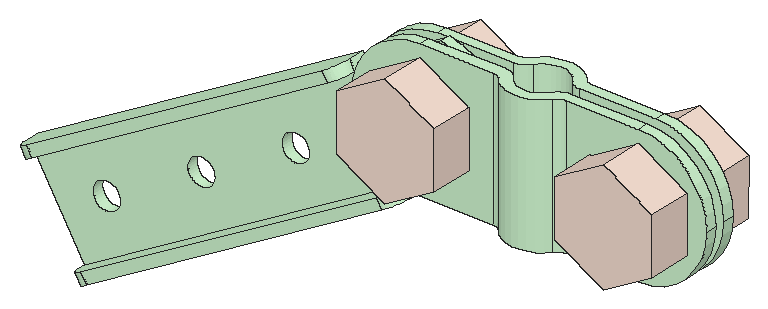
Revit family "brace-kanagu_ji", category 機械設備, Revit 2022
Family settings
  丸型コネクタ寸法 = 直径を使用
  種別 = なし
  パーツ タイプ = 標準
  作業面ベース = いいえ
  常に垂直 = はい
  ロード時にボイドで切り取り = いいえ
  注釈の向きを維持 = いいえ
  共有 = いいえ
  部屋計算ポイント = いいえ
Parameters
  製造元 = "株式会社桐井製作所"
  既定の高さ = 0 mm
  URL = "https://www.kirii.co.jp/"
  K_許容荷重(引張)(N) = 2500
  K_許容荷重(圧縮)(N) = 2500
  K_角度 [instance] = 30.00°
  K_品名 = "ブレース金具KF"
  K_名称 = "斜め部材(ブレース)上部取付金具"
  K_入数 = "100"
  K_備考 = "適用角度:15°~60°"
  K_バージョン情報 = "20211216"
Reference planes
  plane 1 "中心(正面/背面)": y = 0
  plane 2: z = 0
  plane 3 "中心(左/右)": x = 0
  plane 4: z = -12.5
Forms (mm)
  Extrusion 1, solid
    sketch origin (0, 0, 0) x (1, 0, 0) y (0, 1, 0)
      loop
        line (-32.5, 3) -> (-32.5, 1) -> (-6.107, 1)
        arc (-6.107, 1) -> (-4.68, 1.361) -> (-3.597, 2.356) r 3
        arc (-3.597, 2.356) -> (0, 4.3) -> (3.597, 2.356) r 4.3
        arc (3.597, 2.356) -> (4.68, 1.361) -> (6.107, 1) r 3
        line (6.107, 1) -> (32.5, 1) -> (32.5, 3) -> (6.625, 3)
        arc (6.625, 3) -> (5.733, 3.21) -> (5.029, 3.795) r 2
        arc (5.029, 3.795) -> (0, 6.3) -> (-5.029, 3.795) r 6.3
        arc (-5.029, 3.795) -> (-5.733, 3.21) -> (-6.625, 3) r 2
        line (-6.625, 3) -> (-32.5, 3)
      loop
        line (32.5, -1) -> (6.107, -1)
        arc (6.107, -1) -> (4.68, -1.361) -> (3.597, -2.356) r 3
        arc (3.597, -2.356) -> (0, -4.3) -> (-3.597, -2.356) r 4.3
        arc (-3.597, -2.356) -> (-4.68, -1.361) -> (-6.107, -1) r 3
        line (-6.107, -1) -> (-32.5, -1) -> (-32.5, -3) -> (-6.625, -3)
        arc (-6.625, -3) -> (-5.733, -3.21) -> (-5.029, -3.795) r 2
        arc (-5.029, -3.795) -> (0, -6.3) -> (5.029, -3.795) r 6.3
        arc (5.029, -3.795) -> (5.733, -3.21) -> (6.625, -3) r 2
        line (6.625, -3) -> (32.5, -3) -> (32.5, -1)
    from -25 to 0
  Extrusion 2, void
    sketch origin (0, 0, 0) x (1, 0, 0) y (0, 0, 1)
      loop
        line (-20, 0) -> (-32.5, 0) -> (-32.5, -12.5)
        arc (-32.5, -12.5) -> (-28.839, -3.661) -> (-20, 0) r 12.5
      loop
        line (32.5, -12.5) -> (32.5, 0) -> (20, 0)
        arc (20, 0) -> (28.839, -3.661) -> (32.5, -12.5) r 12.5
    from 0 to 3
  Extrusion 3, void
    sketch origin (0, 0, -25) x (1, 0, 0) y (0, 0, 1)
      loop
        arc (-20, 0) -> (-28.839, 3.661) -> (-32.5, 12.5) r 12.5
        line (-32.5, 12.5) -> (-32.5, 0) -> (-20, 0)
      loop
        arc (32.5, 12.5) -> (28.839, 3.661) -> (20, 0) r 12.5
        line (20, 0) -> (32.5, 0) -> (32.5, 12.5)
    from 0 to 3
  Extrusion 4, void
    sketch origin (0, 0, 0) x (1, 0, 0) y (0, 0, -1)
      loop
        arc (-20, 0) -> (-28.839, 3.661) -> (-32.5, 12.5) r 12.5
        line (-32.5, 12.5) -> (-32.5, 0) -> (-20, 0)
      loop
        arc (32.5, 12.5) -> (28.839, 3.661) -> (20, 0) r 12.5
        line (20, 0) -> (32.5, 0) -> (32.5, 12.5)
    from 0 to 3
  Extrusion 5, void
    sketch origin (0, 0, -25) x (1, 0, 0) y (0, 0, -1)
      loop
        line (-20, 0) -> (-32.5, 0) -> (-32.5, -12.5)
        arc (-32.5, -12.5) -> (-28.839, -3.661) -> (-20, 0) r 12.5
      loop
        line (32.5, -12.5) -> (32.5, 0) -> (20, 0)
        arc (20, 0) -> (28.839, -3.661) -> (32.5, -12.5) r 12.5
    from 0 to 3
  Extrusion 6, void
    sketch origin (0, 0, 0) x (1, 0, 0) y (0, 0, 1)
      loop
        circle (-20, -12.5) r 5.3
      loop
        circle (20, -12.5) r 5.3
    from 1 to 3
  Extrusion 7, void
    sketch origin (0, 4, 0) x (1, 0, 0) y (0, 0, 1)
      loop
        circle (-20, -12.5) r 5.3
      loop
        circle (20, -12.5) r 5.3
    from 1 to 3
Cuts and joins
  Extrusion 2, Extrusion 3, Extrusion 4, Extrusion 5, Extrusion 6, Extrusion 7 cuts Extrusion 1
Dimensions and locks
  "K_角度": angle plane 4 to nested 1
  aligned and locked: level to plane 2
Automatic sketch dimensions
  Extrusion 1 sketch curve to Extrusion 1 sketch curve = 0 mm  (x20)
  plane 1 "中心(正面/背面)" to Extrusion 1 sketch curve = 0 mm
  Extrusion 1 sketch curve to plane 3 "中心(左/右)" = 0 mm
  plane 1 "中心(正面/背面)" to Extrusion 1 sketch curve = 1 mm  (x2)
  Extrusion 1 sketch curve to plane 3 "中心(左/右)" = 6.107 mm
  Extrusion 1 sketch curve to Extrusion 1 sketch curve = 0.518 mm  (x4)
  Extrusion 1 sketch curve to plane 1 "中心(正面/背面)" = 1 mm  (x2)
  Extrusion 1 sketch curve to Extrusion 1 sketch curve = 25.875 mm  (x2)
  plane 3 "中心(左/右)" to Extrusion 1 sketch curve = 6.107 mm
  plane 1 "中心(正面/背面)" to Extrusion 1 sketch curve = 3 mm
  Extrusion 1 sketch curve to Extrusion 1 sketch curve = 2 mm  (x3)
  Extrusion 1 sketch curve to Extrusion 1 sketch curve = 1 mm  (x8)
  Extrusion 2 sketch curve to plane 4 = 0 mm  (x2)
  Extrusion 2 sketch curve to level = 0 mm  (x2)
  Extrusion 2 sketch curve to plane 3 "中心(左/右)" = 32.5 mm
  plane 3 "中心(左/右)" to Extrusion 2 sketch curve = 20 mm
  Extrusion 3 sketch curve to plane 4 = 0 mm  (x2)
  plane 3 "中心(左/右)" to Extrusion 3 sketch curve = 32.5 mm
  Extrusion 3 sketch curve to Extrusion 3 sketch curve = 12.5 mm
  plane 4 to Extrusion 3 sketch curve = 12.5 mm
  Extrusion 3 sketch curve to plane 3 "中心(左/右)" = 20 mm
  Extrusion 4 sketch curve to plane 4 = 0 mm  (x2)
  Extrusion 4 sketch curve to level = 0 mm  (x2)
  Extrusion 4 sketch curve to plane 3 "中心(左/右)" = 32.5 mm
  plane 3 "中心(左/右)" to Extrusion 4 sketch curve = 20 mm
  Extrusion 5 sketch curve to plane 4 = 0 mm  (x2)
  Extrusion 5 sketch curve to plane 3 "中心(左/右)" = 32.5 mm
  Extrusion 5 sketch curve to Extrusion 5 sketch curve = 12.5 mm
  Extrusion 5 sketch curve to plane 4 = 12.5 mm
  plane 3 "中心(左/右)" to Extrusion 5 sketch curve = 20 mm
  Extrusion 6 sketch curve to plane 4 = 0 mm  (x2)
  Extrusion 6 sketch curve to plane 3 "中心(左/右)" = 20 mm
  plane 3 "中心(左/右)" to Extrusion 6 sketch curve = 20 mm
  Extrusion 7 sketch curve to plane 4 = 0 mm  (x2)
  Extrusion 7 sketch curve to plane 3 "中心(左/右)" = 20 mm
  plane 3 "中心(左/右)" to Extrusion 7 sketch curve = 20 mm
  radius of Extrusion 6 sketch curve = 5.3 mm  (x2)
  radius of Extrusion 7 sketch curve = 5.3 mm  (x2)
Nested families
  nested 1: "ブレース金具KF下部金具" at (-20, 0, -12.5) x (0.5, 0, -0.866) z (0.866, 0, 0.5), type "ブレース金具KF下部金具"
    with K_角度 45.00°
  nested 2: "ブレース金具KFナット" at (20, -3, -12.5) x (-1, 0, 0) z (0, -1, 0), type "ブレース金具KFナット"
  nested 3: "ブレース金具KFナット" at (-20, -3, -12.5) x (-1, 0, 0) z (0, -1, 0), type "ブレース金具KFナット"
  nested 4: "ブレース金具KFナット" at (20, 3, -12.5) x (-1, 0, 0) z (0, 1, 0), type "ブレース金具KFナット"
  nested 5: "ブレース金具KFナット" at (-20, 3, -12.5) x (-1, 0, 0) z (0, 1, 0), type "ブレース金具KFナット"
Definition of nested family "ブレース金具KF下部金具"
  Parameters (values of type "ブレース金具KF下部金具")
    Manufacturer = "株式会社桐井製作所"
    Default Elevation = 0 mm
    URL = "https://www.kirii.co.jp/"
    K_角度 [instance] = 45.00°
    K_結束/入数 = "100"
    K_品名 = "UE-box"
    K_名称 = "斜め部材(ブレース)上部取付金具"
    K_備考 = "適用角度30°~60°"
  Reference planes
    plane 1 "中心(正面/背面)": y = 0
    plane 2: z = 0
    plane 3 "中心(左/右)": x = 0
  Forms (mm)
    Extrusion 1, solid
      sketch origin (175.263, 1, 115.763) x (1, 0, 0) y (0, 0, 1)
        loop
          arc (-165.263, -107.456) -> (-175.263, -102.763) -> (-185.263, -107.456) r 13
          line (-185.263, -107.456) -> (-185.263, -193.763) -> (-165.263, -193.763) -> (-165.263, -107.456)
      from 0 to 2
    Extrusion 2, solid
      sketch origin (175.263, 1, 115.763) x (1, 0, 0) y (0, 0, 1)
        loop
          line (-186.263, -125.263) -> (-186.263, -193.763) -> (-184.263, -193.763) -> (-184.263, -125.263) -> (-186.263, -125.263)
        loop
          line (-166.263, -125.263) -> (-166.263, -193.763) -> (-164.263, -193.763) -> (-164.263, -125.263) -> (-166.263, -125.263)
      from 0 to 6
    Extrusion 3, void
      sketch origin (175.263, 1, 115.763) x (1, 0, 0) y (0, 0, 1)
        loop
          circle (-175.263, -115.763) r 5.3
        loop
          circle (-175.263, -143.763) r 2.5
        loop
          circle (-175.263, -163.763) r 2.5
        loop
          circle (-175.263, -183.763) r 2.5
      from 0 to 2
    Extrusion 4, void
      sketch origin (0, 0, 0) x (0, 1, 0) y (0, 0, 1)
        loop
          arc (-5, -12.5) -> (-4.121, -10.379) -> (-2, -9.5) r 3
          line (-2, -9.5) -> (-5, -9.5) -> (-5, -12.5)
        loop
          arc (-2, -78) -> (-4.121, -77.121) -> (-5, -75) r 3
          line (-5, -75) -> (-5, -78) -> (-2, -78)
      from 9 to 11
    Extrusion 5, void
      sketch origin (-20, 0, 0) x (0, 1, 0) y (0, 0, 1)
        loop
          arc (-5, -12.5) -> (-4.121, -10.379) -> (-2, -9.5) r 3
          line (-2, -9.5) -> (-5, -9.5) -> (-5, -12.5)
        loop
          arc (-2, -78) -> (-4.121, -77.121) -> (-5, -75) r 3
          line (-5, -75) -> (-5, -78) -> (-2, -78)
      from 9 to 11
  Cuts and joins
    Extrusion 3, Extrusion 5 cuts Extrusion 1
    Extrusion 4, Extrusion 5 cuts Extrusion 2
    joined: Extrusion 1, Extrusion 2
  Lines and regions (mm)
    reference lines
      curve 1: line (0, 0, 13) -> (0, 0, -78)
  Dimensions and locks
    aligned and locked: level to plane 2
Definition of nested family "ブレース金具KFナット"
  Parameters (values of type "ブレース金具KFナット")
    Default Elevation = 1219.2 mm
  Reference planes
    plane 1 "中心(正面/背面)": y = 0
    plane 2: z = 0
    plane 3 "中心(左/右)": x = 0
  Forms (mm)
    Extrusion 1, solid
      sketch origin (0, 0, 0) x (1, 0, 0) y (0, 1, 0)
        loop
          line (-55, 45) -> (-55, -45.273) -> (55.986, -45.273) -> (55.986, 45) -> (-55, 45)
      from 0 to -304.8
    Extrusion 2, solid
      sketch origin (0, 0, 0) x (1, 0, 0) y (0, 1, 0)
        loop
          line (8.9, 5.138) -> (0, 10.277) -> (-8.9, 5.138) -> (-8.9, -5.138) -> (0, -10.277) -> (8.9, -5.138) -> (8.9, 5.138)
      from 0 to 8
  Lines and regions (mm)
    model lines
      curve 1: circle (0, 0, 8) r 8.9 normal (0, 0, 1)
  Dimensions and locks
    aligned and locked: plane 2 to Extrusion 1
    aligned and locked: level to Extrusion 1
